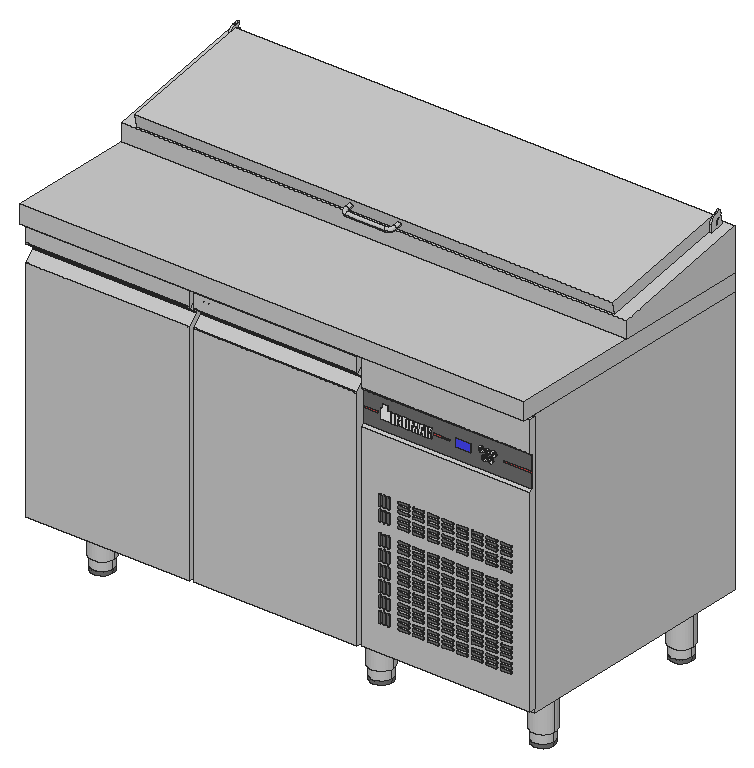
Revit family "QF_INOMAK_ZPZP99_250612084149", category Specialty Equipment, Revit 2021
Family settings
  Round Connector Dimension = Use Diameter
  Part Type = Normal
  OmniClass Number = 23.40.40.14
  OmniClass Title = Food Service Equipment
  Work Plane-Based = No
  Always vertical = Yes
  Cut with Voids When Loaded = No
  Shared = No
  Room Calculation Point = No
Parameters (values of type "ZPZP99")
  Weight [instance] = 113.00 kg
  Warranty Start Date [instance] = ""
  Warranty Duration [instance] = ""
  Volts [instance] = 230 V
  Volt Free Conn [instance] = no
  URL Recommended Spares List [instance] = ""
  URL Manufacturer [instance] = ""
  URL Cutsheet [instance] = ""
  URL Critical Spares List [instance] = ""
  URL = "www.inomak.com"
  Technical Documentation [instance] = ""
  Tag Number [instance] = ""
  Status [instance] = ""
  Start Up Current [instance] = 0 A
  Specification by User [instance] = ""
  Specification by Manufacturer [instance] = ""
  Sound Level [instance] = ""
  Show Logo [instance] = yes
  Show Clearances [instance] = yes
  Service Life Duration [instance] = ""
  Serial Number [instance] = ""
  Seismic Rating [instance] = ""
  SMACNA No [instance] = ""
  Revision Code [instance] = ""
  Revision [instance] = ""
  Production Year [instance] = ""
  Potential Equalisation [instance] = no
  Point Load [instance] = 0
  Phase [instance] = 1
  Other Equipment Approvals [instance] = ""
  Operational Current [instance] = 0 A
  Number of Poles [instance] = 2
  No Load Power Draw [instance] = no
  NAFEM Spec ID Number [instance] = ""
  Model Warning [instance] = ""
  Model = "ZPZP99"
  Min Ckt Ampacity [instance] = 0 A
  Max Overcurrent Protection [instance] = 10 A
  Masterspec [instance] = ""
  Manufacturer = "INOMAK"
  Main switch integrated [instance] = no
  Length Actual [instance] = 1342 mm
  Item Number [instance] = ""
  Installed By [instance] = ""
  Installation Date [instance] = ""
  Identify Quantity as Lot [instance] = no
  ID [instance] = ""
  Hygiene Approval [instance] = ""
  Height Actual [instance] = 1019 mm
  HP power [instance] = ""
  Furnished By [instance] = ""
  Foodservice Equipment Identifier [instance] = no
  FL Amps [instance] = 1.95 A
  Electrical Remarks [instance] = ""
  Electric power [instance] = 450 W
  Electric Connection Type [instance] = ""
  Elec Conn RI Height [instance] = 0 mm
  Elec Conn Connection Height [instance] = 0 mm
  ETL Approved [instance] = no
  Description = "ZENOBIA PREP STATION WITH STAINLESS STEEL TOP AND 2 GN 1/1 DOORS"
  Depth Actual [instance] = 700 mm
  Default Elevation = 0 mm
  Cycle [instance] = 50 Hz
  Cost = 0
  Connection to energy optimisation system [instance] = yes
  Conn Plug [instance] = ""
  Conn Conduit [instance] = no
  Centralized building control system with digital interface [instance] = ""
  CSI MasterFormat [instance] = ""
  CE Approved [instance] = no
  Barcode [instance] = 0
  Author [instance] = ""
  Asset Identifier [instance] = ""
  Apparent Power [instance] = 450 VA
  Accessory [instance] = no
Reference planes
  plane 1 "Center (Front/Back)": y = 0
  plane 2: z = 0
  plane 3 "Center (Left/Right)": x = 0
Forms (mm)
  Extrusion 1, solid, not visible
    sketch origin (940.046, -100.005, 146.007) x (1, 0, 0) y (0, 1, 0)
      loop
        line (-2, 2) -> (-2, -2) -> (2, -2) -> (2, 2) -> (-2, 2)
    from -2 to 2
Dimensions and locks
  locked: nested 2 to Extrusion 1 at 2  (x2)
  aligned and locked: level to plane 2
Nested families
  nested 1: "QF_INOMAK_REF_COUNTERS_1342_2920" at (0, 0, 144), type "ZPZP99"
    with Weight 113.00 kg, Warranty Start Date "", Warranty Duration "", URL Cutsheet "", Technical Documentation "", Tag Number "", Status "", Specification by User "", Specification by Manufacturer "", Sound Level "", Solid Fuel Type "", Show Logo yes, Show Clearances yes, Show Clearance yes, Service Life Duration "", Serial Number "", Seismic Rating "", SMACNA No "", Revision Code "", Revision "", Production Year "", Point Load 0, Other Equipment Approvals "", NAFEM Spec ID Number "", Model Warning "", Masterspec "", Length Actual 1342 mm, Item Number "", Installed By "", Installation Date "", Identify Quantity as Lot yes, ID "", Hygiene Approval "", Height Actual 1019 mm, Furnished By "", Foodservice Equipment Identifier yes, Finish none, ETL Approved yes, Depth Actual 700 mm, CSI MasterFormat "", CE Approved yes, Barcode "", Author "", Asset Identifier "", Accessory no
  nested 2: "CONN_POINT_ELE_2D___Generic_Annotation" at (940.046, -100.005, 144.007), type "CONN_POINT_ELE_2D___Generic_Annotation"
    with Onboard connection annotation symbol visibility yes
  nested 3: "QF_INOMAK_REF_SALADETTE_WORKTOPS_PS_7061" at (0, 0, 854), type "WTPS-1342-700"
    with Worktop thickness 46 mm, Weight 0.00 kg, Warranty Start Date "", Warranty Duration "", URL Cutsheet "", Technical Documentation "", Tag Number "", Status "", Specification by User "", Specification by Manufacturer "", Sound Level "", Solid Fuel Type "", Show Logo yes, Show Clearances yes, Service Life Duration "", Serial Number "", Seismic Rating "", SMACNA No "", Revision Code "", Revision "", Production Year "", Point Load 0, Other Equipment Approvals "", NAFEM Spec ID Number "", Model Warning "", Masterspec "", Length Actual 1342 mm, Item Number "", Installed By "", Installation Date "", Identify Quantity as Lot yes, ID "", Hygiene Approval "", Height Actual 46 mm, Height AFF 0 mm, Furnished By "", Foodservice Equipment Identifier yes, Finish none, ETL Approved yes, Depth Actual 700 mm, CSI MasterFormat "", CE Approved yes, Barcode "", Author "", Asset Identifier "", Accessory yes
  nested 4: "QF_INOMAK_REF_COUNTERS_LEGS_9047" at (0, 0, 0), type "LG-1345-700"
    with Weight 0.00 kg, Warranty Start Date "", Warranty Duration "", URL Cutsheet "", Technical Documentation "", Tag Number "", Status "", Specification by User "", Specification by Manufacturer "", Sound Level "", Solid Fuel Type "", Show Logo yes, Show Clearances yes, Service Life Duration "", Serial Number "", Seismic Rating "", SMACNA No "", Revision Code "", Revision "", Production Year "", Point Load 0, Other Equipment Approvals "", NAFEM Spec ID Number "", Model Warning "", Masterspec "", Length Actual 1342 mm, Legs inset right 70 mm, Legs inset rear 90 mm, Legs inset left 100 mm, Legs inset front 150 mm, Item Number "", Installed By "", Installation Date "", Identify Quantity as Lot yes, ID "", Hygiene Approval "", Height Actual 144 mm, Furnished By "", Foodservice Equipment Identifier yes, ETL Approved yes, Depth Actual 700 mm, CentralLegs no, CSI MasterFormat "", CE Approved yes, Barcode "", Author "", Asset Identifier "", Accessory yes
Connectors
  electrical at (940.046, -100.005, 144.007), driven by "Apparent Power", driven by "Number of Poles", driven by "Volts"
    settings: on Extrusion 1, index 1, voltage 230 V, apparent load 0 VA, apparent load phase1 450 VA, apparent load phase2 0 VA, apparent load phase3 0 VA, power factor 1, load classification "Other", number of poles 2, system type 31, power factor state 1, is connector primary yes, connector utility no, sub classification motor no, connector description "Electrical connection for ZPZP99"
Definition of nested family "QF_INOMAK_REF_COUNTERS_1342_2920"
  Parameters (values of type "ZPZP99")
    Weight [instance] = 0.00 kg
    Warranty Start Date [instance] = ""
    Warranty Duration [instance] = ""
    URL Cutsheet [instance] = ""
    URL = "www.inomak.com"
    Technical Documentation [instance] = ""
    Tag Number [instance] = ""
    Status [instance] = ""
    Specification by User [instance] = ""
    Specification by Manufacturer [instance] = ""
    Sound Level [instance] = ""
    Solid Fuel Type [instance] = ""
    Show Logo [instance] = yes
    Show Clearances [instance] = yes
    Show Clearance [instance] = yes
    Service Life Duration [instance] = ""
    Serial Number [instance] = ""
    Seismic Rating [instance] = ""
    SMACNA No [instance] = ""
    Revision Code [instance] = ""
    Revision [instance] = ""
    Production Year [instance] = ""
    Point Load [instance] = 0
    Other Equipment Approvals [instance] = ""
    NAFEM Spec ID Number [instance] = ""
    Model Warning [instance] = ""
    Model = "ZPZP99"
    Masterspec [instance] = ""
    Manufacturer = "INOMAK"
    Length Actual [instance] = 0 mm
    Length = 1342 mm
    Item Number [instance] = ""
    Installed By [instance] = ""
    Installation Date [instance] = ""
    Identify Quantity as Lot [instance] = yes
    ID [instance] = ""
    Hygiene Approval [instance] = ""
    Height Actual [instance] = 0 mm
    Height = 710 mm
    Furnished By [instance] = ""
    Foodservice Equipment Identifier [instance] = yes
    Finish [instance] = none
    ETL Approved [instance] = yes
    Description = "ZENOBIA PREP STATION WITH STAINLESS STEEL TOP AND 2 GN 1/1 DOORS"
    Depth Actual [instance] = 0 mm
    Depth = 700 mm
    Default Elevation = 0 mm
    CSI MasterFormat [instance] = ""
    CE Approved [instance] = yes
    Barcode [instance] = ""
    Author [instance] = ""
    Asset Identifier [instance] = ""
    Assembly Code = "E1090320"
    Accessory [instance] = yes
  Reference planes
    plane 1 "Back": y = 0
    plane 2: z = 0
    plane 3 "Left": x = 0
    plane 4 "Right": x = 1342
    plane 5 "Front": y = -700
    plane 6 "Top": z = 710
  Forms (mm)
    Extrusion 1, solid, material <- "Finish"
      sketch origin (0, 0, 0) x (1, 0, 0) y (0, 1, 0)
        loop
          line (0, -648) -> (30, -648) -> (30, -30) -> (867, -30) -> (867, -648) -> (897, -648) -> (897, -665) -> (1342, -665) -> (1342, 0) -> (0, 0) -> (0, -648)
      from 0 to 710
    Extrusion 2, solid, material <- "Finish"
      sketch origin (0, 0, 0) x (1, 0, 0) y (0, 1, 0)
        loop
          line (30, -30) -> (30, -648) -> (867, -648) -> (867, -30) -> (30, -30)
      from 0 to 45
    Extrusion 3, solid, material <- "Finish"
      sketch origin (0, 0, 710) x (0, 1, 0) y (-1, 0, 0)
        loop
          line (-30, -30) -> (-648, -30) -> (-648, -867) -> (-30, -867) -> (-30, -30)
      from 0 to -30
    Extrusion 4, solid, material <- "Finish"
      sketch origin (1342, 0, 0) x (0, -1, 0) y (0, 0, 1)
        loop
          line (683.05, 705) -> (665, 705) -> (665, 10) -> (683.05, 10) -> (683.05, 532.058) -> (676.05, 539.058) -> (676.05, 618.864) -> (683.05, 625.864) -> (683.05, 705)
      from 0 to 445
    Extrusion 5, solid
      sketch origin (0, -700, 0) x (-1, 0, 0) y (0, 0, 1)
        loop
          circle (-1208.654, 586.73) r 6.965
        loop
          circle (-1225.685, 586.73) r 6.965
        loop
          circle (-1242.694, 586.73) r 6.965
        loop
          circle (-1217.18, 568.729) r 6.965
        loop
          circle (-1234.189, 568.729) r 6.965
        loop
          circle (-1208.654, 586.73) r 3.965
        loop
          circle (-1225.685, 586.73) r 3.965
        loop
          circle (-1242.694, 586.73) r 3.965
        loop
          circle (-1217.18, 568.729) r 3.965
        loop
          circle (-1234.189, 568.729) r 3.965
      from 23 to 25.5
    Extrusion 6, solid
      sketch origin (0, -700, 0) x (-1, 0, 0) y (0, 0, 1)
        loop
          line (-1180.865, 590.461) -> (-1180.865, 567.461) -> (-1140.865, 567.461) -> (-1140.865, 590.461) -> (-1180.865, 590.461)
      from 23 to 25.5
    Extrusion 7, solid
      sketch origin (0, -700, 0) x (-1, 0, 0) y (0, 0, 1)
        loop
          line (-897, 618.864) -> (-1342, 618.864) -> (-1342, 539.058) -> (-897, 539.058) -> (-897, 618.864)
      from 23.5 to 25.5
    Extrusion 8, solid, visible <- "Show Logo"
      sketch origin (0, -700, 0) x (-1, 0, 0) y (0, 0, 1)
        loop
          line (-941.061, 591.01) -> (-947.061, 591.01) -> (-947.061, 602.118) -> (-961.298, 602.118) -> (-961.298, 591.01) -> (-967.298, 591.01) -> (-967.298, 564.76) -> (-941.061, 564.76) -> (-941.061, 591.01)
        loop
          line (-971.613, 590.698) -> (-978.903, 590.698) -> (-978.903, 564.76) -> (-971.613, 564.76) -> (-971.613, 590.698)
        loop
          line (-981.422, 564.76) -> (-981.422, 590.698) -> (-988.256, 590.698) -> (-991.449, 578.78) -> (-991.449, 590.698) -> (-997.982, 590.698) -> (-997.982, 564.76) -> (-991.449, 564.76) -> (-987.735, 578.623) -> (-987.735, 564.76) -> (-981.422, 564.76)
        loop
          line (-1018.664, 564.76) -> (-1018.664, 590.698) -> (-1027.626, 590.698) -> (-1029.988, 576.688) -> (-1032.35, 590.698) -> (-1041.312, 590.698) -> (-1041.312, 564.76) -> (-1034.687, 564.76) -> (-1034.687, 578.623) -> (-1032.35, 564.76) -> (-1027.626, 564.76) -> (-1025.289, 578.623) -> (-1025.289, 564.76) -> (-1018.664, 564.76)
        loop
          line (-1003.851, 590.698) -> (-1013.176, 590.698)
          arc (-1013.176, 590.698) -> (-1015.773, 589.622) -> (-1016.849, 587.026) r 3.672
          line (-1016.849, 587.026) -> (-1016.849, 568.433)
          arc (-1016.849, 568.433) -> (-1015.773, 565.836) -> (-1013.176, 564.76) r 3.672
          line (-1013.176, 564.76) -> (-1003.851, 564.76)
          arc (-1003.851, 564.76) -> (-1001.255, 565.836) -> (-1000.179, 568.433) r 3.672
          line (-1000.179, 568.433) -> (-1000.179, 587.026)
          arc (-1000.179, 587.026) -> (-1001.255, 589.622) -> (-1003.851, 590.698) r 3.672
        loop
          arc (-1007.487, 587.542) -> (-1008.514, 588.569) -> (-1009.541, 587.542) r 1.027
          line (-1009.541, 587.542) -> (-1009.541, 568.949)
          arc (-1009.541, 568.949) -> (-1008.514, 567.922) -> (-1007.487, 568.949) r 1.027
          line (-1007.487, 568.949) -> (-1007.487, 587.542)
        loop
          line (-1042.382, 564.76) -> (-1046.755, 590.698) -> (-1055.615, 590.698) -> (-1059.988, 564.76) -> (-1053.461, 564.76) -> (-1052.852, 569.723) -> (-1049.518, 569.723) -> (-1048.909, 564.76) -> (-1042.382, 564.76)
        loop
          line (-1050.074, 574.252) -> (-1051.185, 583.299) -> (-1052.296, 574.252) -> (-1050.074, 574.252)
        loop
          line (-1060.954, 564.76) -> (-1060.954, 590.698) -> (-1067.579, 590.698) -> (-1067.579, 581.585) -> (-1070.365, 590.698) -> (-1077.803, 590.698) -> (-1073.474, 579.422) -> (-1078.522, 564.76) -> (-1070.939, 564.76) -> (-1067.579, 577.3) -> (-1067.579, 564.76) -> (-1060.954, 564.76)
      from 23 to 25.5
    Extrusion 9, solid
      sketch origin (0, -700, 0) x (-1, 0, 0) y (0, 0, 1)
        loop
          line (-897, 580.961) -> (-933.995, 580.961) -> (-933.995, 576.961) -> (-897, 576.961) -> (-897, 580.961)
        loop
          line (-1082, 580.961) -> (-1126.365, 580.961) -> (-1126.365, 576.961) -> (-1082, 576.961) -> (-1082, 580.961)
        loop
          line (-1342, 580.961) -> (-1342, 576.961) -> (-1268.755, 576.961) -> (-1268.755, 580.961) -> (-1342, 580.961)
      from 23 to 25.5
    Extrusion 10, solid, material <- "Finish", visible <- "Show Clearance"
      sketch origin (443.5, 0, 0) x (0, -1, 0) y (0, 0, -1)
        loop
          line (690, -10) -> (648, -10) -> (648, -700) -> (690, -700) -> (690, -661.747)
          arc (690, -661.747) -> (688.671, -659.935) -> (686.544, -660.657) r 1.9
          line (686.544, -660.657) -> (680.029, -669.961) -> (668.119, -669.961)
          arc (668.119, -669.961) -> (666.433, -669.262) -> (665.734, -667.576) r 2.385
          line (665.734, -667.576) -> (665.734, -640.672)
          arc (665.734, -640.672) -> (665.976, -639.458) -> (666.663, -638.429) r 3.172
          line (666.663, -638.429) -> (689.485, -615.607)
          arc (689.485, -615.607) -> (689.866, -615.037) -> (690, -614.365) r 1.757
          line (690, -614.365) -> (690, -10)
      from 0 to -435
    Extrusion 11, solid, visible <- "Show Clearance", detail levels coarse
      sketch origin (443.5, -700, 10) x (-1, 0, 0) y (0, 1, 0)
        loop
          line (435, 10) -> (0, 10)
          arc (0, 10) -> (134.757, -285.109) -> (435, -408) r 440.665
          line (435, -408) -> (435, 10)
      from 0 to -690
    Extrusion 12, solid, material <- "Finish", visible <- "Show Clearance"
      sketch origin (453.5, 0, 0) x (0, -1, 0) y (0, 0, 1)
        loop
          line (690, 10) -> (690, 614.365)
          arc (690, 614.365) -> (689.866, 615.037) -> (689.485, 615.607) r 1.757
          line (689.485, 615.607) -> (666.663, 638.429)
          arc (666.663, 638.429) -> (665.976, 639.458) -> (665.734, 640.672) r 3.172
          line (665.734, 640.672) -> (665.734, 667.576)
          arc (665.734, 667.576) -> (666.433, 669.262) -> (668.119, 669.961) r 2.385
          line (668.119, 669.961) -> (680.029, 669.961) -> (686.544, 660.657)
          arc (686.544, 660.657) -> (688.671, 659.935) -> (690, 661.747) r 1.9
          line (690, 661.747) -> (690, 700) -> (648, 700) -> (648, 10) -> (690, 10)
      from 0 to -435
    Extrusion 13, solid, visible <- "Show Clearance", detail levels coarse
      sketch origin (453.5, -700, 10) x (-1, 0, 0) y (0, 1, 0)
        loop
          line (-435, 10) -> (-435, -408)
          arc (-435, -408) -> (-134.757, -285.109) -> (0, 10) r 440.665
          line (0, 10) -> (-435, 10)
      from 0 to -690
  Cuts and joins
    joined: Extrusion 1, Extrusion 2, Extrusion 3
  Lines and regions (mm)
    symbolic lines, visible <- "Show Clearance"
      curve 1: line (0, 0, 0) -> (1342, 0, 0)
      curve 2: line (1342, 0, 0) -> (1342, -700, 0)
      curve 3: line (1342, -700, 0) -> (0, -700, 0)
      curve 4: line (0, -700, 0) -> (0, 0, 0)
      curve 5: line (8.5, -1108, 0) -> (8.5, -700, 0)
      curve 6: arc (8.5, -1108, 0) -> (305.111, -988.559, 0) -> (442.872, -700, 0) r 440.665
      curve 7: line (888.5, -1108, 0) -> (888.5, -700, 0)
      curve 8: arc (888.5, -1108, 0) -> (591.889, -988.559, 0) -> (454.128, -700, 0) r 440.665
  Dimensions and locks
    "Length": plane 3 "Left" to plane 4 "Right"
    "Depth": plane 5 "Front" to plane 1 "Back"
    "Height": plane 6 "Top" to plane 2
    aligned and locked: level to plane 2
    aligned and locked: plane 6 "Top" to Extrusion 1
    aligned and locked: nested 1 to plane 4 "Right"
    aligned and locked: plane 5 "Front" to nested 1
    aligned and locked: curve 5 to Extrusion 11
    aligned and locked: curve 7 to Extrusion 13
    aligned and locked: plane 5 "Front" to curve 3
  Automatic sketch dimensions
    Extrusion 1 sketch curve to plane 3 "Left" = 0 mm
    plane 1 "Back" to Extrusion 1 sketch curve = 0 mm
    Extrusion 1 sketch curve to plane 4 "Right" = 0 mm
    plane 3 "Left" to Extrusion 1 sketch curve = 30 mm
    plane 1 "Back" to Extrusion 1 sketch curve = 30 mm
    plane 4 "Right" to Extrusion 1 sketch curve = 475 mm
    Extrusion 1 sketch curve to Extrusion 1 sketch curve = 30 mm
    plane 5 "Front" to Extrusion 1 sketch curve = 52 mm  (x2)
    plane 5 "Front" to Extrusion 1 sketch curve = 35 mm
    plane 3 "Left" to Extrusion 2 sketch curve = 30 mm
    plane 5 "Front" to Extrusion 2 sketch curve = 52 mm
    plane 4 "Right" to Extrusion 2 sketch curve = 475 mm
    plane 1 "Back" to Extrusion 2 sketch curve = 30 mm
    plane 5 "Front" to Extrusion 3 sketch curve = 52 mm
    plane 1 "Back" to Extrusion 3 sketch curve = 30 mm
    plane 4 "Right" to Extrusion 3 sketch curve = 475 mm
    plane 3 "Left" to Extrusion 3 sketch curve = 30 mm
    Extrusion 4 sketch curve to plane 6 "Top" = 5 mm
    plane 5 "Front" to Extrusion 4 sketch curve = 35 mm
    plane 5 "Front" to Extrusion 4 sketch curve = 23.95 mm
    Extrusion 4 sketch curve to Extrusion 4 sketch curve = 7 mm  (x4)
    Extrusion 4 sketch curve to Extrusion 4 sketch curve = 79.136 mm
    Extrusion 4 sketch curve to Extrusion 4 sketch curve = 79.807 mm
    level to Extrusion 4 sketch curve = 10 mm
    Extrusion 5 sketch curve to Extrusion 5 sketch curve = 0 mm  (x13)
    plane 4 "Right" to Extrusion 5 sketch curve = 99.306 mm
    Extrusion 5 sketch curve to Extrusion 5 sketch curve = 8.505 mm
    Extrusion 5 sketch curve to Extrusion 5 sketch curve = 17.009 mm  (x2)
    Extrusion 5 sketch curve to Extrusion 5 sketch curve = 17.03 mm
    Extrusion 5 sketch curve to plane 6 "Top" = 141.271 mm
    Extrusion 5 sketch curve to Extrusion 5 sketch curve = 18.001 mm
    plane 4 "Right" to Extrusion 6 sketch curve = 161.135 mm
    Extrusion 6 sketch curve to Extrusion 6 sketch curve = 40 mm
    Extrusion 6 sketch curve to plane 6 "Top" = 142.539 mm
    Extrusion 6 sketch curve to Extrusion 6 sketch curve = 23 mm
    plane 4 "Right" to Extrusion 7 sketch curve = 0 mm
    Extrusion 7 sketch curve to plane 6 "Top" = 170.942 mm
    Extrusion 7 sketch curve to Extrusion 7 sketch curve = 445 mm
    Extrusion 7 sketch curve to Extrusion 7 sketch curve = 79.807 mm
    plane 4 "Right" to Extrusion 8 sketch curve = 263.478 mm
    Extrusion 8 sketch curve to Extrusion 8 sketch curve = 0.72 mm
    Extrusion 8 sketch curve to plane 6 "Top" = 130.578 mm
    Extrusion 8 sketch curve to Extrusion 8 sketch curve = 4.329 mm
    Extrusion 8 sketch curve to Extrusion 8 sketch curve = 7.584 mm
    Extrusion 8 sketch curve to plane 6 "Top" = 119.302 mm  (x2)
    Extrusion 8 sketch curve to Extrusion 8 sketch curve = 7.438 mm
    Extrusion 8 sketch curve to plane 6 "Top" = 132.7 mm
    Extrusion 8 sketch curve to Extrusion 8 sketch curve = 5.895 mm
    Extrusion 8 sketch curve to plane 6 "Top" = 128.415 mm
    Extrusion 8 sketch curve to Extrusion 8 sketch curve = 0 mm  (x11)
    Extrusion 8 sketch curve to Extrusion 8 sketch curve = 6.625 mm  (x2)
    Extrusion 8 sketch curve to Extrusion 8 sketch curve = 0.965 mm
    Extrusion 8 sketch curve to Extrusion 8 sketch curve = 5.338 mm
    Extrusion 8 sketch curve to Extrusion 8 sketch curve = 6.527 mm  (x2)
    Extrusion 8 sketch curve to plane 6 "Top" = 140.277 mm
    Extrusion 8 sketch curve to Extrusion 8 sketch curve = 0.609 mm
    Extrusion 8 sketch curve to plane 6 "Top" = 135.748 mm
    Extrusion 8 sketch curve to Extrusion 8 sketch curve = 0.556 mm
    Extrusion 8 sketch curve to plane 6 "Top" = 126.701 mm
    Extrusion 8 sketch curve to Extrusion 8 sketch curve = 4.43 mm  (x2)
    Extrusion 8 sketch curve to Extrusion 8 sketch curve = 2.222 mm
    Extrusion 8 sketch curve to Extrusion 8 sketch curve = 3.334 mm
    Extrusion 8 sketch curve to Extrusion 8 sketch curve = 4.552 mm
    Extrusion 8 sketch curve to plane 6 "Top" = 145.24 mm  (x2)
    Extrusion 8 sketch curve to Extrusion 8 sketch curve = 1.069 mm
    Extrusion 8 sketch curve to plane 6 "Top" = 131.377 mm  (x2)
    Extrusion 8 sketch curve to Extrusion 8 sketch curve = 8.962 mm  (x2)
    Extrusion 8 sketch curve to Extrusion 8 sketch curve = 2.337 mm
    Extrusion 8 sketch curve to plane 6 "Top" = 133.312 mm
    Extrusion 8 sketch curve to Extrusion 8 sketch curve = 4.699 mm  (x2)
    Extrusion 8 sketch curve to Extrusion 8 sketch curve = 4.724 mm  (x2)
    Extrusion 8 sketch curve to Extrusion 8 sketch curve = 1.815 mm
    Extrusion 8 sketch curve to Extrusion 8 sketch curve = 3.672 mm  (x8)
    Extrusion 8 sketch curve to Extrusion 8 sketch curve = 3.636 mm  (x3)
    Extrusion 8 sketch curve to Extrusion 8 sketch curve = 1.027 mm
    Extrusion 8 sketch curve to Extrusion 8 sketch curve = 2.197 mm
    Extrusion 8 sketch curve to Extrusion 8 sketch curve = 6.532 mm  (x2)
    Extrusion 8 sketch curve to Extrusion 8 sketch curve = 3.194 mm
    Extrusion 8 sketch curve to Extrusion 8 sketch curve = 3.714 mm
    Extrusion 8 sketch curve to Extrusion 8 sketch curve = 6.312 mm
    Extrusion 8 sketch curve to Extrusion 8 sketch curve = 2.52 mm
    Extrusion 8 sketch curve to Extrusion 8 sketch curve = 7.29 mm
    Extrusion 8 sketch curve to Extrusion 8 sketch curve = 4.315 mm
    Extrusion 8 sketch curve to Extrusion 8 sketch curve = 6 mm
    Extrusion 8 sketch curve to Extrusion 8 sketch curve = 14.237 mm
    Extrusion 8 sketch curve to Extrusion 8 sketch curve = 26.237 mm
    Extrusion 8 sketch curve to Extrusion 8 sketch curve = 14.661 mm
    Extrusion 8 sketch curve to Extrusion 8 sketch curve = 4.963 mm
    Extrusion 8 sketch curve to Extrusion 8 sketch curve = 0.516 mm  (x2)
    Extrusion 8 sketch curve to Extrusion 8 sketch curve = 13.862 mm
    Extrusion 8 sketch curve to Extrusion 8 sketch curve = 0.157 mm
    Extrusion 8 sketch curve to Extrusion 8 sketch curve = 26.25 mm
    Extrusion 8 sketch curve to Extrusion 8 sketch curve = 0.312 mm
    Extrusion 8 sketch curve to Extrusion 8 sketch curve = 11.107 mm
    plane 4 "Right" to Extrusion 9 sketch curve = 0 mm
    plane 4 "Right" to Extrusion 9 sketch curve = 73.245 mm
    Extrusion 9 sketch curve to Extrusion 9 sketch curve = 142.39 mm
    Extrusion 9 sketch curve to Extrusion 9 sketch curve = 44.365 mm
    Extrusion 9 sketch curve to Extrusion 9 sketch curve = 148.005 mm
    Extrusion 9 sketch curve to Extrusion 9 sketch curve = 36.995 mm
    Extrusion 9 sketch curve to plane 6 "Top" = 133.039 mm  (x3)
    Extrusion 9 sketch curve to Extrusion 9 sketch curve = 4 mm  (x3)
    level to Extrusion 10 sketch curve = 10 mm
    plane 5 "Front" to Extrusion 10 sketch curve = 52 mm
    plane 5 "Front" to Extrusion 10 sketch curve = 34.266 mm
    Extrusion 10 sketch curve to Extrusion 10 sketch curve = 0.929 mm
    Extrusion 10 sketch curve to Extrusion 10 sketch curve = 2.385 mm
    Extrusion 10 sketch curve to Extrusion 10 sketch curve = 3.172 mm
    Extrusion 10 sketch curve to Extrusion 10 sketch curve = 11.91 mm
    Extrusion 10 sketch curve to Extrusion 10 sketch curve = 6.515 mm
    Extrusion 10 sketch curve to Extrusion 10 sketch curve = 1.556 mm
    plane 5 "Front" to Extrusion 10 sketch curve = 11.757 mm
    Extrusion 10 sketch curve to Extrusion 10 sketch curve = 1.242 mm
    Extrusion 10 sketch curve to Extrusion 10 sketch curve = 1.9 mm
    Extrusion 10 sketch curve to Extrusion 10 sketch curve = 0.515 mm
    Extrusion 10 sketch curve to plane 6 "Top" = 95.635 mm
    Extrusion 10 sketch curve to Extrusion 10 sketch curve = 22.822 mm
    Extrusion 10 sketch curve to Extrusion 10 sketch curve = 19.985 mm
    Extrusion 10 sketch curve to Extrusion 10 sketch curve = 6.919 mm
    Extrusion 10 sketch curve to plane 6 "Top" = 10 mm
    plane 3 "Left" to Extrusion 11 sketch curve = 8.5 mm
    plane 5 "Front" to Extrusion 11 sketch curve = 10 mm
    Extrusion 11 sketch curve to Extrusion 11 sketch curve = 435 mm
    plane 3 "Left" to Extrusion 11 sketch curve = 3.417 mm
    Extrusion 11 sketch curve to Extrusion 11 sketch curve = 22.635 mm
    level to Extrusion 12 sketch curve = 10 mm
    plane 5 "Front" to Extrusion 12 sketch curve = 52 mm
    plane 5 "Front" to Extrusion 12 sketch curve = 34.266 mm
    Extrusion 12 sketch curve to Extrusion 12 sketch curve = 0.929 mm
    Extrusion 12 sketch curve to Extrusion 12 sketch curve = 2.385 mm
    Extrusion 12 sketch curve to Extrusion 12 sketch curve = 3.172 mm
    Extrusion 12 sketch curve to Extrusion 12 sketch curve = 11.91 mm
    Extrusion 12 sketch curve to Extrusion 12 sketch curve = 6.515 mm
    Extrusion 12 sketch curve to Extrusion 12 sketch curve = 1.556 mm
    plane 5 "Front" to Extrusion 12 sketch curve = 11.757 mm
    Extrusion 12 sketch curve to Extrusion 12 sketch curve = 1.242 mm
    Extrusion 12 sketch curve to Extrusion 12 sketch curve = 1.9 mm
    Extrusion 12 sketch curve to Extrusion 12 sketch curve = 0.515 mm
    Extrusion 12 sketch curve to plane 6 "Top" = 95.635 mm
    Extrusion 12 sketch curve to Extrusion 12 sketch curve = 22.822 mm
    Extrusion 12 sketch curve to Extrusion 12 sketch curve = 19.985 mm
    Extrusion 12 sketch curve to Extrusion 12 sketch curve = 6.919 mm
    Extrusion 12 sketch curve to plane 6 "Top" = 10 mm
    plane 5 "Front" to Extrusion 13 sketch curve = 32.635 mm
    plane 4 "Right" to Extrusion 13 sketch curve = 448.417 mm
    Extrusion 13 sketch curve to Extrusion 13 sketch curve = 5.083 mm
    plane 5 "Front" to Extrusion 13 sketch curve = 10 mm
    Extrusion 13 sketch curve to Extrusion 13 sketch curve = 435 mm
    plane 1 "Back" to curve 1 = 0 mm
    curve 1 to plane 3 "Left" = 0 mm
    curve 2 to plane 4 "Right" = 0 mm
    plane 3 "Left" to curve 6 = 3.417 mm
    curve 7 to curve 8 = 5.083 mm
    curve 5 to curve 5 = 408 mm
    curve 7 to plane 5 "Front" = 408 mm
    plane 5 "Front" to curve 6 = 32.635 mm
    plane 5 "Front" to curve 8 = 32.635 mm
    radius of Extrusion 5 sketch curve = 6.965 mm  (x5)
    radius of Extrusion 5 sketch curve = 3.965 mm  (x5)
  Nested families
    nested 1: "QF_INOMAK_CONRTOL-PANEL" at (1342, 0, 0), type "PNRP9999"
      with Show Clearance yes
  Definition of nested family "QF_INOMAK_CONRTOL-PANEL"
    Parameters (values of type "PNRP9999")
      URL = ""
      Show Logo = yes
      Show Clearance [instance] = yes
      Model = ""
      Manufacturer = ""
      Length = 0 mm
      Height = 710 mm
      Front offset = 80 mm
      Description = ""
      Depth = 700 mm
      Default Elevation = 0 mm
      Assembly Code = ""
    Reference planes
      plane 1 "Back": y = 0
      plane 2: z = 0
      plane 3 "Left": x = 0
      plane 4 "Right": x = 0
      plane 5 "Front": y = -700
      plane 6 "Top": z = 710
      plane 7 "Front offset": y = -620
    Forms (mm)
      Extrusion 1, solid
        sketch origin (-2240, -700, 0) x (-1, 0, 0) y (0, 0, 1)
          loop
            arc (-2191.4, 389.855) -> (-2194.4, 386.855) -> (-2191.4, 383.855) r 3
            line (-2191.4, 383.855) -> (-2167.4, 383.855)
            arc (-2167.4, 383.855) -> (-2164.4, 386.855) -> (-2167.4, 389.855) r 3
            line (-2167.4, 389.855) -> (-2191.4, 389.855)
          loop
            arc (-2152.4, 389.855) -> (-2155.4, 386.855) -> (-2152.4, 383.855) r 3
            line (-2152.4, 383.855) -> (-2128.4, 383.855)
            arc (-2128.4, 383.855) -> (-2125.4, 386.855) -> (-2128.4, 389.855) r 3
            line (-2128.4, 389.855) -> (-2152.4, 389.855)
          loop
            arc (-2113.4, 389.855) -> (-2116.4, 386.855) -> (-2113.4, 383.855) r 3
            line (-2113.4, 383.855) -> (-2089.4, 383.855)
            arc (-2089.4, 383.855) -> (-2086.4, 386.855) -> (-2089.4, 389.855) r 3
            line (-2089.4, 389.855) -> (-2113.4, 389.855)
          loop
            arc (-2074.4, 389.855) -> (-2077.4, 386.855) -> (-2074.4, 383.855) r 3
            line (-2074.4, 383.855) -> (-2050.4, 383.855)
            arc (-2050.4, 383.855) -> (-2047.4, 386.855) -> (-2050.4, 389.855) r 3
            line (-2050.4, 389.855) -> (-2074.4, 389.855)
          loop
            arc (-2035.4, 389.855) -> (-2038.4, 386.855) -> (-2035.4, 383.855) r 3
            line (-2035.4, 383.855) -> (-2011.4, 383.855)
            arc (-2011.4, 383.855) -> (-2008.4, 386.855) -> (-2011.4, 389.855) r 3
            line (-2011.4, 389.855) -> (-2035.4, 389.855)
          loop
            arc (-1996.4, 389.855) -> (-1999.4, 386.855) -> (-1996.4, 383.855) r 3
            line (-1996.4, 383.855) -> (-1972.4, 383.855)
            arc (-1972.4, 383.855) -> (-1969.4, 386.855) -> (-1972.4, 389.855) r 3
            line (-1972.4, 389.855) -> (-1996.4, 389.855)
          loop
            arc (-1957.4, 389.855) -> (-1960.4, 386.855) -> (-1957.4, 383.855) r 3
            line (-1957.4, 383.855) -> (-1933.4, 383.855)
            arc (-1933.4, 383.855) -> (-1930.4, 386.855) -> (-1933.4, 389.855) r 3
            line (-1933.4, 389.855) -> (-1957.4, 389.855)
          loop
            arc (-1918.4, 389.855) -> (-1921.4, 386.855) -> (-1918.4, 383.855) r 3
            line (-1918.4, 383.855) -> (-1894.4, 383.855)
            arc (-1894.4, 383.855) -> (-1891.4, 386.855) -> (-1894.4, 389.855) r 3
            line (-1894.4, 389.855) -> (-1918.4, 389.855)
          loop
            arc (-2191.4, 378.855) -> (-2194.4, 375.855) -> (-2191.4, 372.855) r 3
            line (-2191.4, 372.855) -> (-2167.4, 372.855)
            arc (-2167.4, 372.855) -> (-2164.4, 375.855) -> (-2167.4, 378.855) r 3
            line (-2167.4, 378.855) -> (-2191.4, 378.855)
          loop
            arc (-2152.4, 378.855) -> (-2155.4, 375.855) -> (-2152.4, 372.855) r 3
            line (-2152.4, 372.855) -> (-2128.4, 372.855)
            arc (-2128.4, 372.855) -> (-2125.4, 375.855) -> (-2128.4, 378.855) r 3
            line (-2128.4, 378.855) -> (-2152.4, 378.855)
          loop
            arc (-2113.4, 378.855) -> (-2116.4, 375.855) -> (-2113.4, 372.855) r 3
            line (-2113.4, 372.855) -> (-2089.4, 372.855)
            arc (-2089.4, 372.855) -> (-2086.4, 375.855) -> (-2089.4, 378.855) r 3
            line (-2089.4, 378.855) -> (-2113.4, 378.855)
          loop
            arc (-2074.4, 378.855) -> (-2077.4, 375.855) -> (-2074.4, 372.855) r 3
            line (-2074.4, 372.855) -> (-2050.4, 372.855)
            arc (-2050.4, 372.855) -> (-2047.4, 375.855) -> (-2050.4, 378.855) r 3
            line (-2050.4, 378.855) -> (-2074.4, 378.855)
          loop
            arc (-2035.4, 378.855) -> (-2038.4, 375.855) -> (-2035.4, 372.855) r 3
            line (-2035.4, 372.855) -> (-2011.4, 372.855)
            arc (-2011.4, 372.855) -> (-2008.4, 375.855) -> (-2011.4, 378.855) r 3
            line (-2011.4, 378.855) -> (-2035.4, 378.855)
          loop
            arc (-1996.4, 378.855) -> (-1999.4, 375.855) -> (-1996.4, 372.855) r 3
            line (-1996.4, 372.855) -> (-1972.4, 372.855)
            arc (-1972.4, 372.855) -> (-1969.4, 375.855) -> (-1972.4, 378.855) r 3
            line (-1972.4, 378.855) -> (-1996.4, 378.855)
          loop
            arc (-1957.4, 378.855) -> (-1960.4, 375.855) -> (-1957.4, 372.855) r 3
            line (-1957.4, 372.855) -> (-1933.4, 372.855)
            arc (-1933.4, 372.855) -> (-1930.4, 375.855) -> (-1933.4, 378.855) r 3
            line (-1933.4, 378.855) -> (-1957.4, 378.855)
          loop
            arc (-1918.4, 378.855) -> (-1921.4, 375.855) -> (-1918.4, 372.855) r 3
            line (-1918.4, 372.855) -> (-1894.4, 372.855)
            arc (-1894.4, 372.855) -> (-1891.4, 375.855) -> (-1894.4, 378.855) r 3
            line (-1894.4, 378.855) -> (-1918.4, 378.855)
          loop
            arc (-2191.4, 367.855) -> (-2194.4, 364.855) -> (-2191.4, 361.855) r 3
            line (-2191.4, 361.855) -> (-2167.4, 361.855)
            arc (-2167.4, 361.855) -> (-2164.4, 364.855) -> (-2167.4, 367.855) r 3
            line (-2167.4, 367.855) -> (-2191.4, 367.855)
          loop
            arc (-2152.4, 367.855) -> (-2155.4, 364.855) -> (-2152.4, 361.855) r 3
            line (-2152.4, 361.855) -> (-2128.4, 361.855)
            arc (-2128.4, 361.855) -> (-2125.4, 364.855) -> (-2128.4, 367.855) r 3
            line (-2128.4, 367.855) -> (-2152.4, 367.855)
          loop
            arc (-2113.4, 367.855) -> (-2116.4, 364.855) -> (-2113.4, 361.855) r 3
            line (-2113.4, 361.855) -> (-2089.4, 361.855)
            arc (-2089.4, 361.855) -> (-2086.4, 364.855) -> (-2089.4, 367.855) r 3
            line (-2089.4, 367.855) -> (-2113.4, 367.855)
          loop
            arc (-2074.4, 367.855) -> (-2077.4, 364.855) -> (-2074.4, 361.855) r 3
            line (-2074.4, 361.855) -> (-2050.4, 361.855)
            arc (-2050.4, 361.855) -> (-2047.4, 364.855) -> (-2050.4, 367.855) r 3
            line (-2050.4, 367.855) -> (-2074.4, 367.855)
          loop
            arc (-2035.4, 367.855) -> (-2038.4, 364.855) -> (-2035.4, 361.855) r 3
            line (-2035.4, 361.855) -> (-2011.4, 361.855)
            arc (-2011.4, 361.855) -> (-2008.4, 364.855) -> (-2011.4, 367.855) r 3
            line (-2011.4, 367.855) -> (-2035.4, 367.855)
          loop
            arc (-1996.4, 367.855) -> (-1999.4, 364.855) -> (-1996.4, 361.855) r 3
            line (-1996.4, 361.855) -> (-1972.4, 361.855)
            arc (-1972.4, 361.855) -> (-1969.4, 364.855) -> (-1972.4, 367.855) r 3
            line (-1972.4, 367.855) -> (-1996.4, 367.855)
          loop
            arc (-1957.4, 367.855) -> (-1960.4, 364.855) -> (-1957.4, 361.855) r 3
            line (-1957.4, 361.855) -> (-1933.4, 361.855)
            arc (-1933.4, 361.855) -> (-1930.4, 364.855) -> (-1933.4, 367.855) r 3
            line (-1933.4, 367.855) -> (-1957.4, 367.855)
          loop
            arc (-1918.4, 367.855) -> (-1921.4, 364.855) -> (-1918.4, 361.855) r 3
            line (-1918.4, 361.855) -> (-1894.4, 361.855)
            arc (-1894.4, 361.855) -> (-1891.4, 364.855) -> (-1894.4, 367.855) r 3
            line (-1894.4, 367.855) -> (-1918.4, 367.855)
          loop
            arc (-2191.4, 352.855) -> (-2194.4, 349.855) -> (-2191.4, 346.855) r 3
            line (-2191.4, 346.855) -> (-2167.4, 346.855)
            arc (-2167.4, 346.855) -> (-2164.4, 349.855) -> (-2167.4, 352.855) r 3
            line (-2167.4, 352.855) -> (-2191.4, 352.855)
          loop
            arc (-2152.4, 352.855) -> (-2155.4, 349.855) -> (-2152.4, 346.855) r 3
            line (-2152.4, 346.855) -> (-2128.4, 346.855)
            arc (-2128.4, 346.855) -> (-2125.4, 349.855) -> (-2128.4, 352.855) r 3
            line (-2128.4, 352.855) -> (-2152.4, 352.855)
          loop
            arc (-2113.4, 352.855) -> (-2116.4, 349.855) -> (-2113.4, 346.855) r 3
            line (-2113.4, 346.855) -> (-2089.4, 346.855)
            arc (-2089.4, 346.855) -> (-2086.4, 349.855) -> (-2089.4, 352.855) r 3
            line (-2089.4, 352.855) -> (-2113.4, 352.855)
          loop
            arc (-2074.4, 352.855) -> (-2077.4, 349.855) -> (-2074.4, 346.855) r 3
            line (-2074.4, 346.855) -> (-2050.4, 346.855)
            arc (-2050.4, 346.855) -> (-2047.4, 349.855) -> (-2050.4, 352.855) r 3
            line (-2050.4, 352.855) -> (-2074.4, 352.855)
          loop
            arc (-2035.4, 352.855) -> (-2038.4, 349.855) -> (-2035.4, 346.855) r 3
            line (-2035.4, 346.855) -> (-2011.4, 346.855)
            arc (-2011.4, 346.855) -> (-2008.4, 349.855) -> (-2011.4, 352.855) r 3
            line (-2011.4, 352.855) -> (-2035.4, 352.855)
          loop
            arc (-1996.4, 352.855) -> (-1999.4, 349.855) -> (-1996.4, 346.855) r 3
            line (-1996.4, 346.855) -> (-1972.4, 346.855)
            arc (-1972.4, 346.855) -> (-1969.4, 349.855) -> (-1972.4, 352.855) r 3
            line (-1972.4, 352.855) -> (-1996.4, 352.855)
          loop
            arc (-1957.4, 352.855) -> (-1960.4, 349.855) -> (-1957.4, 346.855) r 3
            line (-1957.4, 346.855) -> (-1933.4, 346.855)
            arc (-1933.4, 346.855) -> (-1930.4, 349.855) -> (-1933.4, 352.855) r 3
            line (-1933.4, 352.855) -> (-1957.4, 352.855)
          loop
            arc (-1918.4, 352.855) -> (-1921.4, 349.855) -> (-1918.4, 346.855) r 3
            line (-1918.4, 346.855) -> (-1894.4, 346.855)
            arc (-1894.4, 346.855) -> (-1891.4, 349.855) -> (-1894.4, 352.855) r 3
            line (-1894.4, 352.855) -> (-1918.4, 352.855)
          loop
            arc (-2191.4, 341.855) -> (-2194.4, 338.855) -> (-2191.4, 335.855) r 3
            line (-2191.4, 335.855) -> (-2167.4, 335.855)
            arc (-2167.4, 335.855) -> (-2164.4, 338.855) -> (-2167.4, 341.855) r 3
            line (-2167.4, 341.855) -> (-2191.4, 341.855)
          loop
            arc (-2152.4, 341.855) -> (-2155.4, 338.855) -> (-2152.4, 335.855) r 3
            line (-2152.4, 335.855) -> (-2128.4, 335.855)
            arc (-2128.4, 335.855) -> (-2125.4, 338.855) -> (-2128.4, 341.855) r 3
            line (-2128.4, 341.855) -> (-2152.4, 341.855)
          loop
            arc (-2113.4, 341.855) -> (-2116.4, 338.855) -> (-2113.4, 335.855) r 3
            line (-2113.4, 335.855) -> (-2089.4, 335.855)
            arc (-2089.4, 335.855) -> (-2086.4, 338.855) -> (-2089.4, 341.855) r 3
            line (-2089.4, 341.855) -> (-2113.4, 341.855)
          loop
            arc (-2074.4, 341.855) -> (-2077.4, 338.855) -> (-2074.4, 335.855) r 3
            line (-2074.4, 335.855) -> (-2050.4, 335.855)
            arc (-2050.4, 335.855) -> (-2047.4, 338.855) -> (-2050.4, 341.855) r 3
            line (-2050.4, 341.855) -> (-2074.4, 341.855)
          loop
            arc (-2035.4, 341.855) -> (-2038.4, 338.855) -> (-2035.4, 335.855) r 3
            line (-2035.4, 335.855) -> (-2011.4, 335.855)
            arc (-2011.4, 335.855) -> (-2008.4, 338.855) -> (-2011.4, 341.855) r 3
            line (-2011.4, 341.855) -> (-2035.4, 341.855)
          loop
            arc (-1996.4, 341.855) -> (-1999.4, 338.855) -> (-1996.4, 335.855) r 3
            line (-1996.4, 335.855) -> (-1972.4, 335.855)
            arc (-1972.4, 335.855) -> (-1969.4, 338.855) -> (-1972.4, 341.855) r 3
            line (-1972.4, 341.855) -> (-1996.4, 341.855)
          loop
            arc (-1957.4, 341.855) -> (-1960.4, 338.855) -> (-1957.4, 335.855) r 3
            line (-1957.4, 335.855) -> (-1933.4, 335.855)
            arc (-1933.4, 335.855) -> (-1930.4, 338.855) -> (-1933.4, 341.855) r 3
            line (-1933.4, 341.855) -> (-1957.4, 341.855)
          loop
            arc (-1918.4, 341.855) -> (-1921.4, 338.855) -> (-1918.4, 335.855) r 3
            line (-1918.4, 335.855) -> (-1894.4, 335.855)
            arc (-1894.4, 335.855) -> (-1891.4, 338.855) -> (-1894.4, 341.855) r 3
            line (-1894.4, 341.855) -> (-1918.4, 341.855)
          loop
            arc (-2191.4, 330.855) -> (-2194.4, 327.855) -> (-2191.4, 324.855) r 3
            line (-2191.4, 324.855) -> (-2167.4, 324.855)
            arc (-2167.4, 324.855) -> (-2164.4, 327.855) -> (-2167.4, 330.855) r 3
            line (-2167.4, 330.855) -> (-2191.4, 330.855)
          loop
            arc (-2152.4, 330.855) -> (-2155.4, 327.855) -> (-2152.4, 324.855) r 3
            line (-2152.4, 324.855) -> (-2128.4, 324.855)
            arc (-2128.4, 324.855) -> (-2125.4, 327.855) -> (-2128.4, 330.855) r 3
            line (-2128.4, 330.855) -> (-2152.4, 330.855)
          loop
            arc (-2113.4, 330.855) -> (-2116.4, 327.855) -> (-2113.4, 324.855) r 3
            line (-2113.4, 324.855) -> (-2089.4, 324.855)
            arc (-2089.4, 324.855) -> (-2086.4, 327.855) -> (-2089.4, 330.855) r 3
            line (-2089.4, 330.855) -> (-2113.4, 330.855)
          loop
            arc (-2074.4, 330.855) -> (-2077.4, 327.855) -> (-2074.4, 324.855) r 3
            line (-2074.4, 324.855) -> (-2050.4, 324.855)
            arc (-2050.4, 324.855) -> (-2047.4, 327.855) -> (-2050.4, 330.855) r 3
            line (-2050.4, 330.855) -> (-2074.4, 330.855)
          loop
            arc (-2035.4, 330.855) -> (-2038.4, 327.855) -> (-2035.4, 324.855) r 3
            line (-2035.4, 324.855) -> (-2011.4, 324.855)
            arc (-2011.4, 324.855) -> (-2008.4, 327.855) -> (-2011.4, 330.855) r 3
            line (-2011.4, 330.855) -> (-2035.4, 330.855)
          loop
            arc (-1996.4, 330.855) -> (-1999.4, 327.855) -> (-1996.4, 324.855) r 3
            line (-1996.4, 324.855) -> (-1972.4, 324.855)
            arc (-1972.4, 324.855) -> (-1969.4, 327.855) -> (-1972.4, 330.855) r 3
            line (-1972.4, 330.855) -> (-1996.4, 330.855)
          loop
            arc (-1957.4, 330.855) -> (-1960.4, 327.855) -> (-1957.4, 324.855) r 3
            line (-1957.4, 324.855) -> (-1933.4, 324.855)
            arc (-1933.4, 324.855) -> (-1930.4, 327.855) -> (-1933.4, 330.855) r 3
            line (-1933.4, 330.855) -> (-1957.4, 330.855)
          loop
            arc (-1918.4, 330.855) -> (-1921.4, 327.855) -> (-1918.4, 324.855) r 3
            line (-1918.4, 324.855) -> (-1894.4, 324.855)
            arc (-1894.4, 324.855) -> (-1891.4, 327.855) -> (-1894.4, 330.855) r 3
            line (-1894.4, 330.855) -> (-1918.4, 330.855)
          loop
            arc (-2191.4, 295.855) -> (-2194.4, 292.855) -> (-2191.4, 289.855) r 3
            line (-2191.4, 289.855) -> (-2167.4, 289.855)
            arc (-2167.4, 289.855) -> (-2164.4, 292.855) -> (-2167.4, 295.855) r 3
            line (-2167.4, 295.855) -> (-2191.4, 295.855)
          loop
            arc (-2152.4, 295.855) -> (-2155.4, 292.855) -> (-2152.4, 289.855) r 3
            line (-2152.4, 289.855) -> (-2128.4, 289.855)
            arc (-2128.4, 289.855) -> (-2125.4, 292.855) -> (-2128.4, 295.855) r 3
            line (-2128.4, 295.855) -> (-2152.4, 295.855)
          loop
            arc (-2113.4, 295.855) -> (-2116.4, 292.855) -> (-2113.4, 289.855) r 3
            line (-2113.4, 289.855) -> (-2089.4, 289.855)
            arc (-2089.4, 289.855) -> (-2086.4, 292.855) -> (-2089.4, 295.855) r 3
            line (-2089.4, 295.855) -> (-2113.4, 295.855)
          loop
            arc (-2074.4, 295.855) -> (-2077.4, 292.855) -> (-2074.4, 289.855) r 3
            line (-2074.4, 289.855) -> (-2050.4, 289.855)
            arc (-2050.4, 289.855) -> (-2047.4, 292.855) -> (-2050.4, 295.855) r 3
            line (-2050.4, 295.855) -> (-2074.4, 295.855)
          loop
            arc (-2035.4, 295.855) -> (-2038.4, 292.855) -> (-2035.4, 289.855) r 3
            line (-2035.4, 289.855) -> (-2011.4, 289.855)
            arc (-2011.4, 289.855) -> (-2008.4, 292.855) -> (-2011.4, 295.855) r 3
            line (-2011.4, 295.855) -> (-2035.4, 295.855)
          loop
            arc (-1996.4, 295.855) -> (-1999.4, 292.855) -> (-1996.4, 289.855) r 3
            line (-1996.4, 289.855) -> (-1972.4, 289.855)
            arc (-1972.4, 289.855) -> (-1969.4, 292.855) -> (-1972.4, 295.855) r 3
            line (-1972.4, 295.855) -> (-1996.4, 295.855)
          loop
            arc (-1957.4, 295.855) -> (-1960.4, 292.855) -> (-1957.4, 289.855) r 3
            line (-1957.4, 289.855) -> (-1933.4, 289.855)
            arc (-1933.4, 289.855) -> (-1930.4, 292.855) -> (-1933.4, 295.855) r 3
            line (-1933.4, 295.855) -> (-1957.4, 295.855)
          loop
            arc (-1918.4, 295.855) -> (-1921.4, 292.855) -> (-1918.4, 289.855) r 3
            line (-1918.4, 289.855) -> (-1894.4, 289.855)
            arc (-1894.4, 289.855) -> (-1891.4, 292.855) -> (-1894.4, 295.855) r 3
            line (-1894.4, 295.855) -> (-1918.4, 295.855)
          loop
            arc (-2191.4, 284.855) -> (-2194.4, 281.855) -> (-2191.4, 278.855) r 3
            line (-2191.4, 278.855) -> (-2167.4, 278.855)
            arc (-2167.4, 278.855) -> (-2164.4, 281.855) -> (-2167.4, 284.855) r 3
            line (-2167.4, 284.855) -> (-2191.4, 284.855)
          loop
            arc (-2152.4, 284.855) -> (-2155.4, 281.855) -> (-2152.4, 278.855) r 3
            line (-2152.4, 278.855) -> (-2128.4, 278.855)
            arc (-2128.4, 278.855) -> (-2125.4, 281.855) -> (-2128.4, 284.855) r 3
            line (-2128.4, 284.855) -> (-2152.4, 284.855)
          loop
            arc (-2113.4, 284.855) -> (-2116.4, 281.855) -> (-2113.4, 278.855) r 3
            line (-2113.4, 278.855) -> (-2089.4, 278.855)
            arc (-2089.4, 278.855) -> (-2086.4, 281.855) -> (-2089.4, 284.855) r 3
            line (-2089.4, 284.855) -> (-2113.4, 284.855)
          loop
            arc (-2074.4, 284.855) -> (-2077.4, 281.855) -> (-2074.4, 278.855) r 3
            line (-2074.4, 278.855) -> (-2050.4, 278.855)
            arc (-2050.4, 278.855) -> (-2047.4, 281.855) -> (-2050.4, 284.855) r 3
            line (-2050.4, 284.855) -> (-2074.4, 284.855)
          loop
            arc (-2035.4, 284.855) -> (-2038.4, 281.855) -> (-2035.4, 278.855) r 3
            line (-2035.4, 278.855) -> (-2011.4, 278.855)
            arc (-2011.4, 278.855) -> (-2008.4, 281.855) -> (-2011.4, 284.855) r 3
            line (-2011.4, 284.855) -> (-2035.4, 284.855)
          loop
            arc (-1996.4, 284.855) -> (-1999.4, 281.855) -> (-1996.4, 278.855) r 3
            line (-1996.4, 278.855) -> (-1972.4, 278.855)
            arc (-1972.4, 278.855) -> (-1969.4, 281.855) -> (-1972.4, 284.855) r 3
            line (-1972.4, 284.855) -> (-1996.4, 284.855)
          loop
            arc (-1957.4, 284.855) -> (-1960.4, 281.855) -> (-1957.4, 278.855) r 3
            line (-1957.4, 278.855) -> (-1933.4, 278.855)
            arc (-1933.4, 278.855) -> (-1930.4, 281.855) -> (-1933.4, 284.855) r 3
            line (-1933.4, 284.855) -> (-1957.4, 284.855)
          loop
            arc (-1918.4, 284.855) -> (-1921.4, 281.855) -> (-1918.4, 278.855) r 3
            line (-1918.4, 278.855) -> (-1894.4, 278.855)
            arc (-1894.4, 278.855) -> (-1891.4, 281.855) -> (-1894.4, 284.855) r 3
            line (-1894.4, 284.855) -> (-1918.4, 284.855)
          loop
            arc (-2191.4, 273.855) -> (-2194.4, 270.855) -> (-2191.4, 267.855) r 3
            line (-2191.4, 267.855) -> (-2167.4, 267.855)
            arc (-2167.4, 267.855) -> (-2164.4, 270.855) -> (-2167.4, 273.855) r 3
            line (-2167.4, 273.855) -> (-2191.4, 273.855)
          loop
            arc (-2152.4, 273.855) -> (-2155.4, 270.855) -> (-2152.4, 267.855) r 3
            line (-2152.4, 267.855) -> (-2128.4, 267.855)
            arc (-2128.4, 267.855) -> (-2125.4, 270.855) -> (-2128.4, 273.855) r 3
            line (-2128.4, 273.855) -> (-2152.4, 273.855)
          loop
            arc (-2113.4, 273.855) -> (-2116.4, 270.855) -> (-2113.4, 267.855) r 3
            line (-2113.4, 267.855) -> (-2089.4, 267.855)
            arc (-2089.4, 267.855) -> (-2086.4, 270.855) -> (-2089.4, 273.855) r 3
            line (-2089.4, 273.855) -> (-2113.4, 273.855)
          loop
            arc (-2074.4, 273.855) -> (-2077.4, 270.855) -> (-2074.4, 267.855) r 3
            line (-2074.4, 267.855) -> (-2050.4, 267.855)
            arc (-2050.4, 267.855) -> (-2047.4, 270.855) -> (-2050.4, 273.855) r 3
            line (-2050.4, 273.855) -> (-2074.4, 273.855)
          loop
            arc (-2035.4, 273.855) -> (-2038.4, 270.855) -> (-2035.4, 267.855) r 3
            line (-2035.4, 267.855) -> (-2011.4, 267.855)
            arc (-2011.4, 267.855) -> (-2008.4, 270.855) -> (-2011.4, 273.855) r 3
            line (-2011.4, 273.855) -> (-2035.4, 273.855)
          loop
            arc (-1996.4, 273.855) -> (-1999.4, 270.855) -> (-1996.4, 267.855) r 3
            line (-1996.4, 267.855) -> (-1972.4, 267.855)
            arc (-1972.4, 267.855) -> (-1969.4, 270.855) -> (-1972.4, 273.855) r 3
            line (-1972.4, 273.855) -> (-1996.4, 273.855)
          loop
            arc (-1957.4, 273.855) -> (-1960.4, 270.855) -> (-1957.4, 267.855) r 3
            line (-1957.4, 267.855) -> (-1933.4, 267.855)
            arc (-1933.4, 267.855) -> (-1930.4, 270.855) -> (-1933.4, 273.855) r 3
            line (-1933.4, 273.855) -> (-1957.4, 273.855)
          loop
            arc (-1918.4, 273.855) -> (-1921.4, 270.855) -> (-1918.4, 267.855) r 3
            line (-1918.4, 267.855) -> (-1894.4, 267.855)
            arc (-1894.4, 267.855) -> (-1891.4, 270.855) -> (-1894.4, 273.855) r 3
            line (-1894.4, 273.855) -> (-1918.4, 273.855)
          loop
            arc (-2191.4, 258.855) -> (-2194.4, 255.855) -> (-2191.4, 252.855) r 3
            line (-2191.4, 252.855) -> (-2167.4, 252.855)
            arc (-2167.4, 252.855) -> (-2164.4, 255.855) -> (-2167.4, 258.855) r 3
            line (-2167.4, 258.855) -> (-2191.4, 258.855)
          loop
            arc (-2152.4, 258.855) -> (-2155.4, 255.855) -> (-2152.4, 252.855) r 3
            line (-2152.4, 252.855) -> (-2128.4, 252.855)
            arc (-2128.4, 252.855) -> (-2125.4, 255.855) -> (-2128.4, 258.855) r 3
            line (-2128.4, 258.855) -> (-2152.4, 258.855)
          loop
            arc (-2113.4, 258.855) -> (-2116.4, 255.855) -> (-2113.4, 252.855) r 3
            line (-2113.4, 252.855) -> (-2089.4, 252.855)
            arc (-2089.4, 252.855) -> (-2086.4, 255.855) -> (-2089.4, 258.855) r 3
            line (-2089.4, 258.855) -> (-2113.4, 258.855)
          loop
            arc (-2074.4, 258.855) -> (-2077.4, 255.855) -> (-2074.4, 252.855) r 3
            line (-2074.4, 252.855) -> (-2050.4, 252.855)
            arc (-2050.4, 252.855) -> (-2047.4, 255.855) -> (-2050.4, 258.855) r 3
            line (-2050.4, 258.855) -> (-2074.4, 258.855)
          loop
            arc (-2035.4, 258.855) -> (-2038.4, 255.855) -> (-2035.4, 252.855) r 3
            line (-2035.4, 252.855) -> (-2011.4, 252.855)
            arc (-2011.4, 252.855) -> (-2008.4, 255.855) -> (-2011.4, 258.855) r 3
            line (-2011.4, 258.855) -> (-2035.4, 258.855)
          loop
            arc (-1996.4, 258.855) -> (-1999.4, 255.855) -> (-1996.4, 252.855) r 3
            line (-1996.4, 252.855) -> (-1972.4, 252.855)
            arc (-1972.4, 252.855) -> (-1969.4, 255.855) -> (-1972.4, 258.855) r 3
            line (-1972.4, 258.855) -> (-1996.4, 258.855)
          loop
            arc (-1957.4, 258.855) -> (-1960.4, 255.855) -> (-1957.4, 252.855) r 3
            line (-1957.4, 252.855) -> (-1933.4, 252.855)
            arc (-1933.4, 252.855) -> (-1930.4, 255.855) -> (-1933.4, 258.855) r 3
            line (-1933.4, 258.855) -> (-1957.4, 258.855)
          loop
            arc (-1918.4, 258.855) -> (-1921.4, 255.855) -> (-1918.4, 252.855) r 3
            line (-1918.4, 252.855) -> (-1894.4, 252.855)
            arc (-1894.4, 252.855) -> (-1891.4, 255.855) -> (-1894.4, 258.855) r 3
            line (-1894.4, 258.855) -> (-1918.4, 258.855)
          loop
            arc (-2191.4, 247.855) -> (-2194.4, 244.855) -> (-2191.4, 241.855) r 3
            line (-2191.4, 241.855) -> (-2167.4, 241.855)
            arc (-2167.4, 241.855) -> (-2164.4, 244.855) -> (-2167.4, 247.855) r 3
            line (-2167.4, 247.855) -> (-2191.4, 247.855)
          loop
            arc (-2152.4, 247.855) -> (-2155.4, 244.855) -> (-2152.4, 241.855) r 3
            line (-2152.4, 241.855) -> (-2128.4, 241.855)
            arc (-2128.4, 241.855) -> (-2125.4, 244.855) -> (-2128.4, 247.855) r 3
            line (-2128.4, 247.855) -> (-2152.4, 247.855)
          loop
            arc (-2113.4, 247.855) -> (-2116.4, 244.855) -> (-2113.4, 241.855) r 3
            line (-2113.4, 241.855) -> (-2089.4, 241.855)
            arc (-2089.4, 241.855) -> (-2086.4, 244.855) -> (-2089.4, 247.855) r 3
            line (-2089.4, 247.855) -> (-2113.4, 247.855)
          loop
            arc (-2074.4, 247.855) -> (-2077.4, 244.855) -> (-2074.4, 241.855) r 3
            line (-2074.4, 241.855) -> (-2050.4, 241.855)
            arc (-2050.4, 241.855) -> (-2047.4, 244.855) -> (-2050.4, 247.855) r 3
            line (-2050.4, 247.855) -> (-2074.4, 247.855)
          loop
            arc (-2035.4, 247.855) -> (-2038.4, 244.855) -> (-2035.4, 241.855) r 3
            line (-2035.4, 241.855) -> (-2011.4, 241.855)
            arc (-2011.4, 241.855) -> (-2008.4, 244.855) -> (-2011.4, 247.855) r 3
            line (-2011.4, 247.855) -> (-2035.4, 247.855)
          loop
            arc (-1996.4, 247.855) -> (-1999.4, 244.855) -> (-1996.4, 241.855) r 3
            line (-1996.4, 241.855) -> (-1972.4, 241.855)
            arc (-1972.4, 241.855) -> (-1969.4, 244.855) -> (-1972.4, 247.855) r 3
            line (-1972.4, 247.855) -> (-1996.4, 247.855)
          loop
            arc (-1957.4, 247.855) -> (-1960.4, 244.855) -> (-1957.4, 241.855) r 3
            line (-1957.4, 241.855) -> (-1933.4, 241.855)
            arc (-1933.4, 241.855) -> (-1930.4, 244.855) -> (-1933.4, 247.855) r 3
            line (-1933.4, 247.855) -> (-1957.4, 247.855)
          loop
            arc (-1918.4, 247.855) -> (-1921.4, 244.855) -> (-1918.4, 241.855) r 3
            line (-1918.4, 241.855) -> (-1894.4, 241.855)
            arc (-1894.4, 241.855) -> (-1891.4, 244.855) -> (-1894.4, 247.855) r 3
            line (-1894.4, 247.855) -> (-1918.4, 247.855)
          loop
            arc (-2191.4, 236.855) -> (-2194.4, 233.855) -> (-2191.4, 230.855) r 3
            line (-2191.4, 230.855) -> (-2167.4, 230.855)
            arc (-2167.4, 230.855) -> (-2164.4, 233.855) -> (-2167.4, 236.855) r 3
            line (-2167.4, 236.855) -> (-2191.4, 236.855)
          loop
            arc (-2152.4, 236.855) -> (-2155.4, 233.855) -> (-2152.4, 230.855) r 3
            line (-2152.4, 230.855) -> (-2128.4, 230.855)
            arc (-2128.4, 230.855) -> (-2125.4, 233.855) -> (-2128.4, 236.855) r 3
            line (-2128.4, 236.855) -> (-2152.4, 236.855)
          loop
            arc (-2113.4, 236.855) -> (-2116.4, 233.855) -> (-2113.4, 230.855) r 3
            line (-2113.4, 230.855) -> (-2089.4, 230.855)
            arc (-2089.4, 230.855) -> (-2086.4, 233.855) -> (-2089.4, 236.855) r 3
            line (-2089.4, 236.855) -> (-2113.4, 236.855)
          loop
            arc (-2074.4, 236.855) -> (-2077.4, 233.855) -> (-2074.4, 230.855) r 3
            line (-2074.4, 230.855) -> (-2050.4, 230.855)
            arc (-2050.4, 230.855) -> (-2047.4, 233.855) -> (-2050.4, 236.855) r 3
            line (-2050.4, 236.855) -> (-2074.4, 236.855)
          loop
            arc (-2035.4, 236.855) -> (-2038.4, 233.855) -> (-2035.4, 230.855) r 3
            line (-2035.4, 230.855) -> (-2011.4, 230.855)
            arc (-2011.4, 230.855) -> (-2008.4, 233.855) -> (-2011.4, 236.855) r 3
            line (-2011.4, 236.855) -> (-2035.4, 236.855)
          loop
            arc (-1996.4, 236.855) -> (-1999.4, 233.855) -> (-1996.4, 230.855) r 3
            line (-1996.4, 230.855) -> (-1972.4, 230.855)
            arc (-1972.4, 230.855) -> (-1969.4, 233.855) -> (-1972.4, 236.855) r 3
            line (-1972.4, 236.855) -> (-1996.4, 236.855)
          loop
            arc (-1957.4, 236.855) -> (-1960.4, 233.855) -> (-1957.4, 230.855) r 3
            line (-1957.4, 230.855) -> (-1933.4, 230.855)
            arc (-1933.4, 230.855) -> (-1930.4, 233.855) -> (-1933.4, 236.855) r 3
            line (-1933.4, 236.855) -> (-1957.4, 236.855)
          loop
            arc (-1918.4, 236.855) -> (-1921.4, 233.855) -> (-1918.4, 230.855) r 3
            line (-1918.4, 230.855) -> (-1894.4, 230.855)
            arc (-1894.4, 230.855) -> (-1891.4, 233.855) -> (-1894.4, 236.855) r 3
            line (-1894.4, 236.855) -> (-1918.4, 236.855)
          loop
            arc (-2191.4, 221.855) -> (-2194.4, 218.855) -> (-2191.4, 215.855) r 3
            line (-2191.4, 215.855) -> (-2167.4, 215.855)
            arc (-2167.4, 215.855) -> (-2164.4, 218.855) -> (-2167.4, 221.855) r 3
            line (-2167.4, 221.855) -> (-2191.4, 221.855)
          loop
            arc (-2152.4, 221.855) -> (-2155.4, 218.855) -> (-2152.4, 215.855) r 3
            line (-2152.4, 215.855) -> (-2128.4, 215.855)
            arc (-2128.4, 215.855) -> (-2125.4, 218.855) -> (-2128.4, 221.855) r 3
            line (-2128.4, 221.855) -> (-2152.4, 221.855)
          loop
            arc (-2113.4, 221.855) -> (-2116.4, 218.855) -> (-2113.4, 215.855) r 3
            line (-2113.4, 215.855) -> (-2089.4, 215.855)
